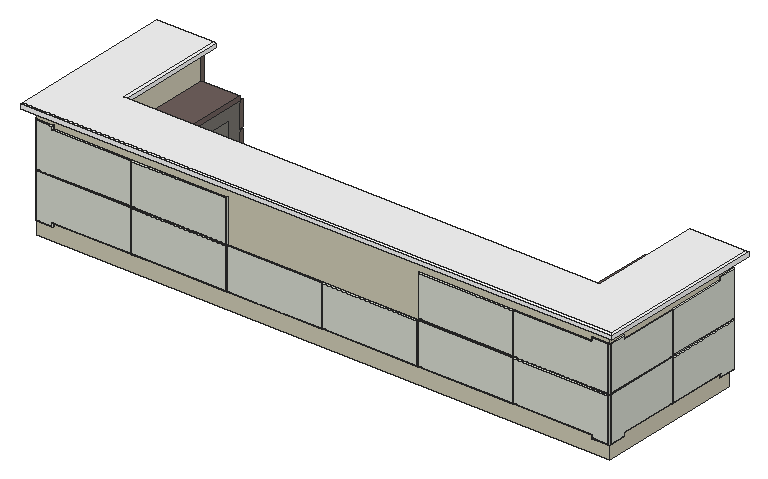
Revit family
Parameters
  폭 = 4500 mm
  외곽 대리석 두께 = 20 mm
  상판 폭 = 450 mm
  상판 두께 = 40 mm
  높이 = 908 mm
  깊이 = 1300 mm
  Assembly Code = ""
Reference planes
  plane 1 "Center (Front/Back)": y = 0
  plane 2: z = 0
  plane 3 "Center (Left/Right)": x = 0
  plane 4 "left": x = -2250
  plane 5 "right": x = 2250
  plane 6 "front": y = -650
  plane 7 "back": y = 650
  plane 8 "top": z = 908
  plane 9 "상판 좌폭": x = -1800
  plane 10 "상판 우폭": x = 1800
  plane 11 "상판 앞폭": y = -200
  plane 12 "100": z = 100
Forms (mm)
  Extrusion 1, solid, material "돌데스크"
    sketch origin (0, 0, 0) x (1, 0, 0) y (0, 1, 0)
      loop
        line (-2250, 650) -> (-2250, -650) -> (2250, -650) -> (2250, 650) -> (1800, 650) -> (1800, -200) -> (-1800, -200) -> (-1800, 650) -> (-2250, 650)
    from 868 to 908
  Sweep 2, void
    path origin (0, 0, 908) x (-1, 0, 0) y (0, -1, 0)
      loop
        line (2250, -650) -> (2250, 650) -> (-2250, 650) -> (-2250, -650) -> (-1800, -650) -> (-1800, 200) -> (1800, 200) -> (1800, -650) -> (2250, -650)
    profile origin (-2250, 0, 908) x (1, 0, 0) y (0, 0, 1)
      loop
        line (0, 0) -> (0, -11) -> (11, 0) -> (0, 0)
  Extrusion 3, solid, material "돌받침"
    sketch origin (0, 0, 0) x (1, 0, 0) y (0, 1, 0)
      loop
        line (-2179.884, 550) -> (-2179.884, -580) -> (2180, -580) -> (2180, 550) -> (1840, 550) -> (1840, -240) -> (-1840, -240) -> (-1840, 550) -> (-2179.884, 550)
    from 0 to 868
  Extrusion 4, solid, not visible
    sketch origin (-2250, 0, 0) x (0, 1, 0) y (0, 0, 1)
      loop
        line (-600, 445) -> (-600, 100) -> (-470, 100) -> (-470, 125) -> (-4, 125) -> (-4, 445) -> (-600, 445)
    from 50.116 to 70.116
  Sweep 5, void, not visible
    path origin (-2250, 0, 0) x (0, 1, 0) y (0, 0, 1)
      loop
        line (-4, 445) -> (-600, 445) -> (-600, 100) -> (-470, 100) -> (-470, 125) -> (-4, 125) -> (-4, 445)
    profile origin (-2250, -302, 445) x (0, 0, 1) y (1, 0, 0)
      loop
        line (0, 50.116) -> (0, 57.605) -> (-7.489, 50.116) -> (0, 50.116)
  Extrusion 6, solid, material "돌판"
    sketch origin (-2250, 0, 0) x (0, 1, 0) y (0, 0, 1)
      loop
        line (-580, 100) -> (-450, 100) -> (-450, 125) -> (3, 125) -> (3, 445) -> (-580, 445) -> (-580, 100)
    from 59.99 to 70.116
  Sweep 7, void
    path origin (-2250, 0, 0) x (0, 1, 0) y (0, 0, 1)
      loop
        line (3, 445) -> (-580, 445) -> (-580, 100) -> (-450, 100) -> (-450, 125) -> (3, 125) -> (3, 445)
    profile origin (-2250, -288.5, 445) x (0, 0, -1) y (1, 0, 0)
      loop
        line (0, 59.99) -> (5, 59.99) -> (0, 64.99) -> (0, 59.99)
  Extrusion 8, solid, material "돌판"
    sketch origin (-2250, 10, 893) x (0, -1, 0) y (0, 0, -1)
      loop
        line (-580, 100) -> (-450, 100) -> (-450, 125) -> (3, 125) -> (3, 445) -> (-580, 445) -> (-580, 100)
    from 59.99 to 70.116
  Sweep 9, void
    path origin (-2250, 10, 893) x (0, -1, 0) y (0, 0, -1)
      loop
        line (3, 445) -> (-580, 445) -> (-580, 100) -> (-450, 100) -> (-450, 125) -> (3, 125) -> (3, 445)
    profile origin (-2250, 298.5, 448) x (0, 0, 1) y (1, 0, 0)
      loop
        line (0, 59.99) -> (5, 59.99) -> (0, 64.99) -> (0, 59.99)
  Extrusion 10, solid, material "돌판"
    sketch origin (-2250, 0, 893) x (0, 1, 0) y (0, 0, 1)
      loop
        line (-580, -100) -> (-580, -445) -> (3, -445) -> (3, -125) -> (-450, -125) -> (-450, -100) -> (-580, -100)
    from 59.99 to 70.116
  Sweep 11, void
    path origin (-2250, 0, 893) x (0, 1, 0) y (0, 0, 1)
      loop
        line (3, -445) -> (3, -125) -> (-450, -125) -> (-450, -100) -> (-580, -100) -> (-580, -445) -> (3, -445)
    profile origin (-2250, -288.5, 448) x (0, 0, -1) y (1, 0, 0)
      loop
        line (0, 59.99) -> (0, 64.99) -> (-5, 59.99) -> (0, 59.99)
  Extrusion 12, solid, material "돌판"
    sketch origin (-2250, 10, 0) x (0, -1, 0) y (0, 0, -1)
      loop
        line (-580, -100) -> (-580, -445) -> (3, -445) -> (3, -125) -> (-450, -125) -> (-450, -100) -> (-580, -100)
    from 59.99 to 70.116
  Sweep 13, void
    path origin (-2250, 10, 0) x (0, -1, 0) y (0, 0, -1)
      loop
        line (3, -445) -> (3, -125) -> (-450, -125) -> (-450, -100) -> (-580, -100) -> (-580, -445) -> (3, -445)
    profile origin (-2250, 298.5, 445) x (0, 0, 1) y (1, 0, 0)
      loop
        line (0, 59.99) -> (0, 64.99) -> (-5, 59.99) -> (0, 59.99)
  Extrusion 14, solid, material "돌판"
    sketch origin (-1600, -650.116, 0) x (1, 0, 0) y (0, 0, -1)
      loop
        line (-580, -100) -> (-580, -445) -> (145, -445) -> (145, -125) -> (-450, -125) -> (-450, -100) -> (-580, -100)
    from 59.99 to 70.116
  Sweep 15, void
    path origin (-1600, -650.116, 0) x (1, 0, 0) y (0, 0, -1)
      loop
        line (145, -445) -> (145, -125) -> (-450, -125) -> (-450, -100) -> (-580, -100) -> (-580, -445) -> (145, -445)
    profile origin (-1817.5, -650.116, 445) x (0, 0, 1) y (0, 1, 0)
      loop
        line (0, 59.99) -> (0, 64.99) -> (-5, 59.99) -> (0, 59.99)
  Extrusion 16, solid, material "돌판"
    sketch origin (-1600, -650.116, 893) x (1, 0, 0) y (0, 0, -1)
      loop
        line (-580, 100) -> (-450, 100) -> (-450, 125) -> (145, 125) -> (145, 445) -> (-580, 445) -> (-580, 100)
    from 59.99 to 70.116
  Sweep 17, void
    path origin (-1600, -650.116, 893) x (1, 0, 0) y (0, 0, -1)
      loop
        line (145, 445) -> (-580, 445) -> (-580, 100) -> (-450, 100) -> (-450, 125) -> (145, 125) -> (145, 445)
    profile origin (-1817.5, -650.116, 448) x (0, 0, 1) y (0, 1, 0)
      loop
        line (0, 59.99) -> (5, 59.99) -> (0, 64.99) -> (0, 59.99)
  Extrusion 18, solid, material "돌판"
    sketch origin (-872, -650.116, 0) x (1, 0, 0) y (0, 0, -1)
      loop
        line (-450, -125) -> (-580, -125) -> (-580, -445) -> (145, -445) -> (145, -125) -> (-450, -125)
    from 59.99 to 70.116
  Sweep 19, void
    path origin (-872, -650.116, 0) x (1, 0, 0) y (0, 0, -1)
      loop
        line (145, -445) -> (145, -125) -> (-450, -125) -> (-580, -125) -> (-580, -445) -> (145, -445)
    profile origin (-1089.5, -650.116, 445) x (0, 0, 1) y (0, 1, 0)
      loop
        line (0, 59.99) -> (0, 64.99) -> (-5, 59.99) -> (0, 59.99)
  Extrusion 20, solid, material "돌판"
    sketch origin (-872, -650.116, 893) x (1, 0, 0) y (0, 0, -1)
      loop
        line (-450, 125) -> (145, 125) -> (145, 445) -> (-580, 445) -> (-580, 125) -> (-450, 125)
    from 59.99 to 70.116
  Sweep 21, void
    path origin (-872, -650.116, 893) x (1, 0, 0) y (0, 0, -1)
      loop
        line (145, 445) -> (-580, 445) -> (-580, 125) -> (-450, 125) -> (145, 125) -> (145, 445)
    profile origin (-1089.5, -650.116, 448) x (0, 0, 1) y (0, 1, 0)
      loop
        line (0, 59.99) -> (5, 59.99) -> (0, 64.99) -> (0, 59.99)
  Extrusion 22, solid, material "돌판"
    sketch origin (-144, -650.116, 0) x (1, 0, 0) y (0, 0, -1)
      loop
        line (-450, -125) -> (-580, -125) -> (-580, -445) -> (142.5, -445) -> (142.5, -125) -> (-450, -125)
    from 59.99 to 70.116
  Sweep 23, void
    path origin (-144, -650.116, 0) x (1, 0, 0) y (0, 0, -1)
      loop
        line (142.5, -445) -> (142.5, -125) -> (-450, -125) -> (-580, -125) -> (-580, -445) -> (142.5, -445)
    profile origin (-362.75, -650.116, 445) x (0, 0, 1) y (0, 1, 0)
      loop
        line (0, 59.99) -> (0, 64.99) -> (-5, 59.99) -> (0, 59.99)
  Extrusion 24, solid, material "돌판"
    sketch origin (1600, -650.116, 0) x (-1, 0, 0) y (0, 0, 1)
      loop
        line (-580, 100) -> (-450, 100) -> (-450, 125) -> (145, 125) -> (145, 445) -> (-580, 445) -> (-580, 100)
    from 59.99 to 70.116
  Sweep 25, void
    path origin (1600, -650.116, 0) x (-1, 0, 0) y (0, 0, 1)
      loop
        line (145, 445) -> (-580, 445) -> (-580, 100) -> (-450, 100) -> (-450, 125) -> (145, 125) -> (145, 445)
    profile origin (1817.5, -650.116, 445) x (0, 0, -1) y (0, 1, 0)
      loop
        line (0, 59.99) -> (5, 59.99) -> (0, 64.99) -> (0, 59.99)
  Extrusion 26, solid, material "돌판"
    sketch origin (1600, -650.116, 893) x (-1, 0, 0) y (0, 0, 1)
      loop
        line (-580, -100) -> (-580, -445) -> (145, -445) -> (145, -125) -> (-450, -125) -> (-450, -100) -> (-580, -100)
    from 59.99 to 70.116
  Sweep 27, void
    path origin (1600, -650.116, 893) x (-1, 0, 0) y (0, 0, 1)
      loop
        line (145, -445) -> (145, -125) -> (-450, -125) -> (-450, -100) -> (-580, -100) -> (-580, -445) -> (145, -445)
    profile origin (1817.5, -650.116, 448) x (0, 0, -1) y (0, 1, 0)
      loop
        line (0, 59.99) -> (0, 64.99) -> (-5, 59.99) -> (0, 59.99)
  Extrusion 28, solid, material "돌판"
    sketch origin (872, -650.116, 0) x (-1, 0, 0) y (0, 0, 1)
      loop
        line (-450, 125) -> (145, 125) -> (145, 445) -> (-580, 445) -> (-580, 125) -> (-450, 125)
    from 59.99 to 70.116
  Sweep 29, void
    path origin (872, -650.116, 0) x (-1, 0, 0) y (0, 0, 1)
      loop
        line (145, 445) -> (-580, 445) -> (-580, 125) -> (-450, 125) -> (145, 125) -> (145, 445)
    profile origin (1089.5, -650.116, 445) x (0, 0, -1) y (0, 1, 0)
      loop
        line (0, 59.99) -> (5, 59.99) -> (0, 64.99) -> (0, 59.99)
  Extrusion 30, solid, material "돌판"
    sketch origin (872, -650.116, 893) x (-1, 0, 0) y (0, 0, 1)
      loop
        line (-450, -125) -> (-580, -125) -> (-580, -445) -> (145, -445) -> (145, -125) -> (-450, -125)
    from 59.99 to 70.116
  Sweep 31, void
    path origin (872, -650.116, 893) x (-1, 0, 0) y (0, 0, 1)
      loop
        line (145, -445) -> (145, -125) -> (-450, -125) -> (-580, -125) -> (-580, -445) -> (145, -445)
    profile origin (1089.5, -650.116, 448) x (0, 0, -1) y (0, 1, 0)
      loop
        line (0, 59.99) -> (0, 64.99) -> (-5, 59.99) -> (0, 59.99)
  Extrusion 32, solid, material "돌판"
    sketch origin (144, -650.116, 0) x (-1, 0, 0) y (0, 0, 1)
      loop
        line (-450, 125) -> (142.5, 125) -> (142.5, 445) -> (-580, 445) -> (-580, 125) -> (-450, 125)
    from 59.99 to 70.116
  Sweep 33, void
    path origin (144, -650.116, 0) x (-1, 0, 0) y (0, 0, 1)
      loop
        line (142.5, 445) -> (-580, 445) -> (-580, 125) -> (-450, 125) -> (142.5, 125) -> (142.5, 445)
    profile origin (362.75, -650.116, 445) x (0, 0, -1) y (0, 1, 0)
      loop
        line (0, 59.99) -> (5, 59.99) -> (0, 64.99) -> (0, 59.99)
  Extrusion 34, solid, material "돌판"
    sketch origin (2250, 0, 0) x (0, 1, 0) y (0, 0, -1)
      loop
        line (-580, -100) -> (-580, -445) -> (3, -445) -> (3, -125) -> (-450, -125) -> (-450, -100) -> (-580, -100)
    from 59.99 to 70.116
  Sweep 35, void
    path origin (2250, 0, 0) x (0, 1, 0) y (0, 0, -1)
      loop
        line (3, -445) -> (3, -125) -> (-450, -125) -> (-450, -100) -> (-580, -100) -> (-580, -445) -> (3, -445)
    profile origin (2250, -288.5, 445) x (0, 0, 1) y (-1, 0, 0)
      loop
        line (0, 59.99) -> (0, 64.99) -> (-5, 59.99) -> (0, 59.99)
  Extrusion 36, solid, material "돌판"
    sketch origin (2250, 10, 893) x (0, -1, 0) y (0, 0, 1)
      loop
        line (-580, -100) -> (-580, -445) -> (3, -445) -> (3, -125) -> (-450, -125) -> (-450, -100) -> (-580, -100)
    from 59.99 to 70.116
  Sweep 37, void
    path origin (2250, 10, 893) x (0, -1, 0) y (0, 0, 1)
      loop
        line (3, -445) -> (3, -125) -> (-450, -125) -> (-450, -100) -> (-580, -100) -> (-580, -445) -> (3, -445)
    profile origin (2250, 298.5, 448) x (0, 0, -1) y (-1, 0, 0)
      loop
        line (0, 59.99) -> (0, 64.99) -> (-5, 59.99) -> (0, 59.99)
  Extrusion 38, solid, material "돌판"
    sketch origin (2250, 0, 893) x (0, 1, 0) y (0, 0, -1)
      loop
        line (-580, 100) -> (-450, 100) -> (-450, 125) -> (3, 125) -> (3, 445) -> (-580, 445) -> (-580, 100)
    from 59.99 to 70.116
  Sweep 39, void
    path origin (2250, 0, 893) x (0, 1, 0) y (0, 0, -1)
      loop
        line (3, 445) -> (-580, 445) -> (-580, 100) -> (-450, 100) -> (-450, 125) -> (3, 125) -> (3, 445)
    profile origin (2250, -288.5, 448) x (0, 0, 1) y (-1, 0, 0)
      loop
        line (0, 59.99) -> (5, 59.99) -> (0, 64.99) -> (0, 59.99)
  Extrusion 40, solid, material "돌판"
    sketch origin (2250, 10, 0) x (0, -1, 0) y (0, 0, 1)
      loop
        line (-580, 100) -> (-450, 100) -> (-450, 125) -> (3, 125) -> (3, 445) -> (-580, 445) -> (-580, 100)
    from 59.99 to 70.116
  Sweep 41, void
    path origin (2250, 10, 0) x (0, -1, 0) y (0, 0, 1)
      loop
        line (3, 445) -> (-580, 445) -> (-580, 100) -> (-450, 100) -> (-450, 125) -> (3, 125) -> (3, 445)
    profile origin (2250, 298.5, 445) x (0, 0, -1) y (-1, 0, 0)
      loop
        line (0, 59.99) -> (5, 59.99) -> (0, 64.99) -> (0, 59.99)
  Extrusion 42, solid, material "나무판"
    sketch origin (0, 650, 0) x (1, 0, 0) y (0, 0, 1)
      loop
        line (-2179.884, 793) -> (-2179.884, 454) -> (-1540, 454) -> (-1540, 640) -> (-1840, 640) -> (-1840, 868) -> (-2105, 868) -> (-2105, 793) -> (-2179.884, 793)
      loop
        line (-1540, 439) -> (-2179.884, 439) -> (-2179.884, 125) -> (-1540, 125) -> (-1540, 439)
      loop
        line (2179.884, 793) -> (2105, 793) -> (2105, 868) -> (1840, 868) -> (1840, 640) -> (1540, 640) -> (1540, 454) -> (2179.884, 454) -> (2179.884, 793)
      loop
        line (1540, 439) -> (1540, 125) -> (2179.884, 125) -> (2179.884, 439) -> (1540, 439)
    from 70 to 100
  Extrusion 43, solid, material "나무받침"
    sketch origin (0, 0, 0) x (1, 0, 0) y (0, 1, 0)
      loop
        line (-1840, 550) -> (-1840, -240) -> (1840, -240) -> (1840, 550) -> (1540, 550) -> (1540, 60) -> (-1540, 60) -> (-1540, 550) -> (-1840, 550)
    from 0 to 640
  Extrusion 44, solid, material "나무데스크"
    sketch origin (0, 0, 0) x (1, 0, 0) y (0, 1, 0)
      loop
        line (-1840, 550) -> (-1840, -240) -> (1840, -240) -> (1840, 550) -> (1540, 550) -> (1540, 60) -> (-1540, 60) -> (-1540, 550) -> (-1840, 550)
    from 640 to 675.227
  Extrusion 45, void
    sketch origin (0, 0, 0) x (1, 0, 0) y (0, 1, 0)
      loop
        line (-1825, 450) -> (-1825, -225) -> (1825, -225) -> (1825, 450) -> (1540, 450) -> (1540, 60) -> (-1540, 60) -> (-1540, 450) -> (-1825, 450)
    from 0 to 553
  Extrusion 46, solid, material "서랍"
    sketch origin (0, -650, 0) x (-1, 0, 0) y (0, 0, 1)
      loop
        line (-1530, 630) -> (-1530, 563) -> (-926, 563) -> (-926, 630) -> (-1530, 630)
      loop
        line (-1372.076, 604.964) -> (-1372.076, 584.964) -> (-1072.076, 584.964) -> (-1072.076, 604.964) -> (-1372.076, 604.964)
    from 710 to 726.078
  Extrusion 47, solid, material "서랍"
    sketch origin (-615, -650, 0) x (-1, 0, 0) y (0, 0, 1)
      loop
        line (-1530, 630) -> (-1530, 563) -> (-926, 563) -> (-926, 630) -> (-1530, 630)
      loop
        line (-1372.076, 604.964) -> (-1372.076, 584.964) -> (-1072.076, 584.964) -> (-1072.076, 604.964) -> (-1372.076, 604.964)
    from 710 to 726.078
  Extrusion 48, solid, material "서랍"
    sketch origin (-1230, -650, 0) x (-1, 0, 0) y (0, 0, 1)
      loop
        line (-1530, 630) -> (-1530, 563) -> (-926, 563) -> (-926, 630) -> (-1530, 630)
      loop
        line (-1372.076, 604.964) -> (-1372.076, 584.964) -> (-1072.076, 584.964) -> (-1072.076, 604.964) -> (-1372.076, 604.964)
    from 710 to 726.078
  Extrusion 49, solid, material "서랍"
    sketch origin (-1845, -650, 0) x (-1, 0, 0) y (0, 0, 1)
      loop
        line (-1530, 630) -> (-1530, 563) -> (-926, 563) -> (-926, 630) -> (-1530, 630)
      loop
        line (-1372.076, 604.964) -> (-1372.076, 584.964) -> (-1072.076, 584.964) -> (-1072.076, 604.964) -> (-1372.076, 604.964)
    from 710 to 726.078
  Extrusion 50, solid, material "서랍"
    sketch origin (-2460, -650, 0) x (-1, 0, 0) y (0, 0, 1)
      loop
        line (-1530, 630) -> (-1530, 563) -> (-926, 563) -> (-926, 630) -> (-1530, 630)
      loop
        line (-1372.076, 604.964) -> (-1372.076, 584.964) -> (-1072.076, 584.964) -> (-1072.076, 604.964) -> (-1372.076, 604.964)
    from 710 to 726.078
Cuts and joins
  Sweep 2 cuts Extrusion 1
  Sweep 7, Sweep 9, Sweep 11, Sweep 13, Sweep 35 cuts Extrusion 6
  Sweep 9, Sweep 11, Sweep 13, Sweep 37 cuts Extrusion 8
  Sweep 11, Sweep 13, Sweep 39 cuts Extrusion 10
  Sweep 13, Sweep 15, Sweep 41 cuts Extrusion 12
  Sweep 15, Sweep 17, Sweep 19, Sweep 25 cuts Extrusion 14
  Sweep 17, Sweep 27 cuts Extrusion 16
  Sweep 19, Sweep 21, Sweep 23, Sweep 29 cuts Extrusion 18
  Sweep 21, Sweep 31 cuts Extrusion 20
  Sweep 23, Sweep 33 cuts Extrusion 22
  Sweep 25 cuts Extrusion 24
  Sweep 27 cuts Extrusion 26
  Sweep 29 cuts Extrusion 28
  Sweep 31 cuts Extrusion 30
  Sweep 33 cuts Extrusion 32
  Sweep 35 cuts Extrusion 34
  Sweep 37 cuts Extrusion 36
  Sweep 39 cuts Extrusion 38
  Sweep 41 cuts Extrusion 40
  Extrusion 45 cuts Extrusion 3
  Extrusion 45 cuts Extrusion 43
Lines and regions (mm)
  symbolic lines
    curve 1: line (-2250, 750, 908) -> (-2250, -1170, 908)
    curve 2: line (-2310, -650, 908) -> (2410, -650, 908)
    curve 3: line (-2250, 870, 793) -> (-2250, -1130, 793)
    curve 4: line (-2250, 590, 973) -> (-2250, 590, -67)
    curve 5: line (-2250, -590, 993) -> (-2250, -590, -87)
  reference lines
    curve 6: line (871, 60, 0) -> (1611, 60, 0)
Dimensions and locks
  "깊이": plane 6 "front" to plane 7 "back"
  equal spacing: plane 6 "front", plane 1 "Center (Front/Back)", plane 7 "back"
  "높이": plane 8 "top" to level
  "폭": plane 4 "left" to plane 5 "right"
  equal spacing: plane 4 "left", plane 3 "Center (Left/Right)", plane 5 "right"
  "상판 폭": plane 4 "left" to plane 9 "상판 좌폭"
  "상판 폭": plane 10 "상판 우폭" to plane 5 "right"
  "상판 폭": plane 11 "상판 앞폭" to plane 6 "front"
  "상판 두께": Extrusion 1 to Extrusion 1
  plane 12 "100" to plane 2 = 100 mm
  locked: Extrusion 6 to Extrusion 6 at 10.126
  locked: Extrusion 8 to Extrusion 8 at 10.126
  locked: Extrusion 10 to Extrusion 10 at 10.126
  locked: Extrusion 12 to Extrusion 12 at 10.126
  locked: Extrusion 34 to Extrusion 34 at 10.126
  locked: Extrusion 36 to Extrusion 36 at 10.126
  locked: Extrusion 38 to Extrusion 38 at 10.126
  locked: Extrusion 40 to Extrusion 40 at 10.126
  locked: Extrusion 44 to Extrusion 44 at 35.227
  aligned and locked: plane 8 "top" to Extrusion 1
  aligned and locked: Extrusion 3 to cut or joined group of Extrusion 1, Sweep 2
  aligned and locked: Extrusion 3 to level
  aligned and locked: Extrusion 42 to Extrusion 3
  aligned and locked: Extrusion 44 to Extrusion 42
Automatic sketch dimensions
  Extrusion 4 sketch curve to Extrusion 4 sketch curve = 130 mm
  Sweep 5 sketch curve to Sweep 5 sketch curve = 130 mm
  Sweep 5 sketch curve to Sweep 5 sketch curve = 320 mm
  Sweep 5 sketch curve to profile plane = 0 mm
  profile plane to Sweep 5 sketch curve = 7.489 mm
  Sweep 5 sketch curve to Sweep 5 sketch curve = 7.489 mm
  Extrusion 4 sketch curve to Extrusion 4 sketch curve = 466 mm
  Extrusion 4 sketch curve to Extrusion 4 sketch curve = 25 mm
  Extrusion 4 sketch curve to Extrusion 4 sketch curve = 345 mm
  Sweep 5 sketch curve to Sweep 5 sketch curve = 466 mm
  Sweep 5 sketch curve to Sweep 5 sketch curve = 25 mm
  profile plane to Sweep 5 sketch curve = 50.116 mm
  curve 6 to plane 1 "Center (Front/Back)" = 60 mm
  plane 3 "Center (Left/Right)" to curve 6 = 871 mm
  curve 6 to plane 10 "상판 우폭" = 189 mm
  Extrusion 1 sketch curve to plane 4 "left" = 0 mm
  Extrusion 1 sketch curve to plane 7 "back" = 0 mm  (x2)
  Extrusion 1 sketch curve to plane 9 "상판 좌폭" = 0 mm
  Extrusion 1 sketch curve to plane 10 "상판 우폭" = 0 mm
  Extrusion 1 sketch curve to plane 5 "right" = 0 mm
  Extrusion 1 sketch curve to plane 6 "front" = 0 mm
  Extrusion 1 sketch curve to plane 11 "상판 앞폭" = 0 mm
  Sweep 2 sketch curve to plane 5 "right" = 0 mm
  Sweep 2 sketch curve to plane 10 "상판 우폭" = 0 mm
  Sweep 2 sketch curve to plane 7 "back" = 0 mm  (x2)
  Sweep 2 sketch curve to plane 9 "상판 좌폭" = 0 mm
  Sweep 2 sketch curve to plane 4 "left" = 0 mm
  Sweep 2 sketch curve to plane 11 "상판 앞폭" = 0 mm
  Sweep 2 sketch curve to plane 6 "front" = 0 mm
  Sweep 2 sketch curve to profile plane = 0 mm
  Sweep 2 sketch curve to plane 8 "top" = 0 mm
  Sweep 2 sketch curve to Sweep 2 sketch curve = 11 mm
  Sweep 2 sketch curve to plane 8 "top" = 11 mm
  curve 2 to plane 6 "front" = 0 mm
  curve 1 to plane 4 "left" = 0 mm
  plane 5 "right" to curve 2 = 160 mm
  curve 2 to plane 4 "left" = 60 mm
  curve 1 to plane 7 "back" = 100 mm
  curve 1 to plane 6 "front" = 520 mm
  plane 4 "left" to Extrusion 3 sketch curve = 70.116 mm
  Extrusion 3 sketch curve to plane 9 "상판 좌폭" = 40 mm
  plane 10 "상판 우폭" to Extrusion 3 sketch curve = 40 mm
  Extrusion 3 sketch curve to plane 5 "right" = 70 mm
  plane 6 "front" to Extrusion 3 sketch curve = 70 mm
  Extrusion 3 sketch curve to plane 11 "상판 앞폭" = 40 mm
  plane 7 "back" to Extrusion 3 sketch curve = 100 mm  (x2)
  curve 3 to plane 8 "top" = 115 mm
  curve 3 to plane 6 "front" = 480 mm
  plane 6 "front" to curve 5 = 60 mm
  plane 7 "back" to curve 4 = 60 mm
  curve 3 to plane 7 "back" = 220 mm
  curve 4 to level = 67 mm
  curve 5 to level = 87 mm
  plane 8 "top" to curve 4 = 65 mm
  plane 8 "top" to curve 5 = 85 mm
  Extrusion 6 sketch curve to plane 12 "100" = 0 mm
  plane 6 "front" to Extrusion 6 sketch curve = 70 mm
  Extrusion 6 sketch curve to Extrusion 6 sketch curve = 130 mm
  Extrusion 6 sketch curve to plane 1 "Center (Front/Back)" = 3 mm
  plane 12 "100" to Extrusion 6 sketch curve = 25 mm
  plane 12 "100" to Extrusion 6 sketch curve = 345 mm
  Sweep 7 sketch curve to plane 12 "100" = 0 mm
  plane 6 "front" to Sweep 7 sketch curve = 70 mm
  Sweep 7 sketch curve to Sweep 7 sketch curve = 130 mm
  Sweep 7 sketch curve to plane 1 "Center (Front/Back)" = 3 mm
  plane 12 "100" to Sweep 7 sketch curve = 25 mm
  Sweep 7 sketch curve to Sweep 7 sketch curve = 320 mm
  Sweep 7 sketch curve to profile plane = 0 mm
  Sweep 7 sketch curve to profile plane = 5 mm
  profile plane to Sweep 7 sketch curve = 59.99 mm
  Sweep 7 sketch curve to Sweep 7 sketch curve = 5 mm
  plane 7 "back" to Extrusion 8 sketch curve = 60 mm
  Extrusion 8 sketch curve to Extrusion 8 sketch curve = 130 mm
  Extrusion 8 sketch curve to plane 1 "Center (Front/Back)" = 7 mm
  Extrusion 8 sketch curve to plane 8 "top" = 115 mm
  Extrusion 8 sketch curve to plane 8 "top" = 140 mm
  Extrusion 8 sketch curve to Extrusion 8 sketch curve = 345 mm
  plane 7 "back" to Sweep 9 sketch curve = 60 mm
  Sweep 9 sketch curve to Sweep 9 sketch curve = 130 mm
  Sweep 9 sketch curve to plane 1 "Center (Front/Back)" = 7 mm
  Sweep 9 sketch curve to plane 8 "top" = 115 mm
  Sweep 9 sketch curve to plane 8 "top" = 140 mm
  Sweep 9 sketch curve to Sweep 9 sketch curve = 320 mm
  Sweep 9 sketch curve to profile plane = 0 mm
  Sweep 9 sketch curve to profile plane = 5 mm
  profile plane to Sweep 9 sketch curve = 59.99 mm
  Sweep 9 sketch curve to Sweep 9 sketch curve = 5 mm
  Extrusion 10 sketch curve to plane 6 "front" = 70 mm
  Extrusion 10 sketch curve to Extrusion 10 sketch curve = 130 mm
  plane 1 "Center (Front/Back)" to Extrusion 10 sketch curve = 3 mm
  plane 8 "top" to Extrusion 10 sketch curve = 115 mm
  plane 8 "top" to Extrusion 10 sketch curve = 140 mm
  Extrusion 10 sketch curve to Extrusion 10 sketch curve = 345 mm
  plane 6 "front" to Sweep 11 sketch curve = 70 mm
  Sweep 11 sketch curve to Sweep 11 sketch curve = 130 mm
  Sweep 11 sketch curve to plane 1 "Center (Front/Back)" = 3 mm
  plane 12 "100" to Sweep 11 sketch curve = 348 mm
  Sweep 11 sketch curve to plane 8 "top" = 140 mm
  Sweep 11 sketch curve to plane 8 "top" = 115 mm
  Sweep 11 sketch curve to profile plane = 0 mm
  profile plane to Sweep 11 sketch curve = 5 mm
  profile plane to Sweep 11 sketch curve = 59.99 mm
  Sweep 11 sketch curve to Sweep 11 sketch curve = 5 mm
  Extrusion 12 sketch curve to plane 12 "100" = 0 mm
  Extrusion 12 sketch curve to plane 7 "back" = 60 mm
  Extrusion 12 sketch curve to Extrusion 12 sketch curve = 130 mm
  plane 1 "Center (Front/Back)" to Extrusion 12 sketch curve = 7 mm
  Extrusion 12 sketch curve to plane 12 "100" = 25 mm
  Extrusion 12 sketch curve to plane 12 "100" = 345 mm
  Sweep 13 sketch curve to plane 12 "100" = 0 mm
  plane 7 "back" to Sweep 13 sketch curve = 60 mm
  Sweep 13 sketch curve to Sweep 13 sketch curve = 130 mm
  Sweep 13 sketch curve to plane 1 "Center (Front/Back)" = 7 mm
  plane 12 "100" to Sweep 13 sketch curve = 25 mm
  Sweep 13 sketch curve to Sweep 13 sketch curve = 320 mm
  Sweep 13 sketch curve to profile plane = 0 mm
  profile plane to Sweep 13 sketch curve = 5 mm
  profile plane to Sweep 13 sketch curve = 59.99 mm
  Sweep 13 sketch curve to Sweep 13 sketch curve = 5 mm
  Extrusion 14 sketch curve to plane 12 "100" = 0 mm
  plane 4 "left" to Extrusion 14 sketch curve = 70 mm
  Extrusion 14 sketch curve to Extrusion 14 sketch curve = 130 mm
  plane 9 "상판 좌폭" to Extrusion 14 sketch curve = 345 mm
  plane 12 "100" to Extrusion 14 sketch curve = 25 mm
  plane 12 "100" to Extrusion 14 sketch curve = 345 mm
  Sweep 15 sketch curve to plane 12 "100" = 0 mm
  plane 4 "left" to Sweep 15 sketch curve = 70 mm
  Sweep 15 sketch curve to Sweep 15 sketch curve = 130 mm
  plane 9 "상판 좌폭" to Sweep 15 sketch curve = 345 mm
  plane 12 "100" to Sweep 15 sketch curve = 25 mm
  Sweep 15 sketch curve to Sweep 15 sketch curve = 320 mm
  Sweep 15 sketch curve to profile plane = 0 mm
  Sweep 15 sketch curve to Sweep 15 sketch curve = 5 mm  (x2)
  profile plane to Sweep 15 sketch curve = 59.99 mm
  plane 4 "left" to Extrusion 16 sketch curve = 70 mm
  Extrusion 16 sketch curve to Extrusion 16 sketch curve = 130 mm
  plane 9 "상판 좌폭" to Extrusion 16 sketch curve = 345 mm
  Extrusion 16 sketch curve to plane 8 "top" = 115 mm
  Extrusion 16 sketch curve to plane 8 "top" = 140 mm
  Extrusion 16 sketch curve to Extrusion 16 sketch curve = 345 mm
  plane 4 "left" to Sweep 17 sketch curve = 70 mm
  Sweep 17 sketch curve to Sweep 17 sketch curve = 130 mm
  plane 9 "상판 좌폭" to Sweep 17 sketch curve = 345 mm
  Sweep 17 sketch curve to plane 8 "top" = 115 mm
  Sweep 17 sketch curve to plane 8 "top" = 140 mm
  Sweep 17 sketch curve to Sweep 17 sketch curve = 320 mm
  Sweep 17 sketch curve to profile plane = 0 mm
  Sweep 17 sketch curve to profile plane = 5 mm
  profile plane to Sweep 17 sketch curve = 59.99 mm
  Sweep 17 sketch curve to Sweep 17 sketch curve = 5 mm
  plane 9 "상판 좌폭" to Extrusion 18 sketch curve = 348 mm
  plane 12 "100" to Extrusion 18 sketch curve = 25 mm
  Extrusion 18 sketch curve to Extrusion 18 sketch curve = 130 mm
  Extrusion 18 sketch curve to Extrusion 18 sketch curve = 595 mm
  Extrusion 18 sketch curve to Extrusion 18 sketch curve = 320 mm
  plane 12 "100" to Sweep 19 sketch curve = 25 mm
  plane 9 "상판 좌폭" to Sweep 19 sketch curve = 348 mm
  Sweep 19 sketch curve to Sweep 19 sketch curve = 130 mm
  Sweep 19 sketch curve to Sweep 19 sketch curve = 595 mm
  Sweep 19 sketch curve to Sweep 19 sketch curve = 320 mm
  Sweep 19 sketch curve to profile plane = 0 mm
  Sweep 19 sketch curve to Sweep 19 sketch curve = 5 mm  (x2)
  profile plane to Sweep 19 sketch curve = 59.99 mm
  plane 9 "상판 좌폭" to Extrusion 20 sketch curve = 348 mm
  Extrusion 20 sketch curve to Extrusion 20 sketch curve = 130 mm
  Extrusion 20 sketch curve to plane 8 "top" = 140 mm
  Extrusion 20 sketch curve to Extrusion 20 sketch curve = 595 mm
  Extrusion 20 sketch curve to Extrusion 20 sketch curve = 320 mm
  Sweep 21 sketch curve to plane 8 "top" = 140 mm
  plane 9 "상판 좌폭" to Sweep 21 sketch curve = 348 mm
  Sweep 21 sketch curve to Sweep 21 sketch curve = 130 mm
  Sweep 21 sketch curve to Sweep 21 sketch curve = 595 mm
  Sweep 21 sketch curve to Sweep 21 sketch curve = 320 mm
  Sweep 21 sketch curve to profile plane = 0 mm
  Sweep 21 sketch curve to profile plane = 5 mm
  profile plane to Sweep 21 sketch curve = 59.99 mm
  Sweep 21 sketch curve to Sweep 21 sketch curve = 5 mm
  plane 12 "100" to Extrusion 22 sketch curve = 345 mm
  Extrusion 22 sketch curve to plane 3 "Center (Left/Right)" = 724 mm
  plane 12 "100" to Extrusion 22 sketch curve = 25 mm
  Extrusion 22 sketch curve to Extrusion 22 sketch curve = 130 mm
  Extrusion 22 sketch curve to plane 3 "Center (Left/Right)" = 1.5 mm
  plane 12 "100" to Sweep 23 sketch curve = 25 mm
  Sweep 23 sketch curve to plane 3 "Center (Left/Right)" = 724 mm
  Sweep 23 sketch curve to Sweep 23 sketch curve = 130 mm
  Sweep 23 sketch curve to plane 3 "Center (Left/Right)" = 1.5 mm
  Sweep 23 sketch curve to Sweep 23 sketch curve = 320 mm
  Sweep 23 sketch curve to profile plane = 0 mm
  Sweep 23 sketch curve to Sweep 23 sketch curve = 5 mm  (x2)
  profile plane to Sweep 23 sketch curve = 59.99 mm
  Extrusion 24 sketch curve to plane 12 "100" = 0 mm
  Extrusion 24 sketch curve to plane 5 "right" = 70 mm
  Extrusion 24 sketch curve to Extrusion 24 sketch curve = 130 mm
  Extrusion 24 sketch curve to plane 10 "상판 우폭" = 345 mm
  plane 12 "100" to Extrusion 24 sketch curve = 25 mm
  Extrusion 24 sketch curve to Extrusion 24 sketch curve = 345 mm
  Sweep 25 sketch curve to plane 12 "100" = 0 mm
  Sweep 25 sketch curve to plane 5 "right" = 70 mm
  Sweep 25 sketch curve to Sweep 25 sketch curve = 130 mm
  Sweep 25 sketch curve to plane 10 "상판 우폭" = 345 mm
  plane 12 "100" to Sweep 25 sketch curve = 25 mm
  Sweep 25 sketch curve to Sweep 25 sketch curve = 320 mm
  Sweep 25 sketch curve to profile plane = 0 mm
  Sweep 25 sketch curve to profile plane = 5 mm
  profile plane to Sweep 25 sketch curve = 59.99 mm
  Sweep 25 sketch curve to Sweep 25 sketch curve = 5 mm
  Extrusion 26 sketch curve to plane 5 "right" = 70 mm
  Extrusion 26 sketch curve to Extrusion 26 sketch curve = 130 mm
  Extrusion 26 sketch curve to plane 10 "상판 우폭" = 345 mm
  plane 12 "100" to Extrusion 26 sketch curve = 348 mm
  Extrusion 26 sketch curve to plane 8 "top" = 140 mm
  Extrusion 26 sketch curve to Extrusion 26 sketch curve = 25 mm
  Sweep 27 sketch curve to plane 5 "right" = 70 mm
  Sweep 27 sketch curve to Sweep 27 sketch curve = 130 mm
  Sweep 27 sketch curve to plane 10 "상판 우폭" = 345 mm
  plane 12 "100" to Sweep 27 sketch curve = 348 mm
  Sweep 27 sketch curve to plane 8 "top" = 140 mm
  Sweep 27 sketch curve to plane 8 "top" = 115 mm
  Sweep 27 sketch curve to profile plane = 0 mm
  profile plane to Sweep 27 sketch curve = 5 mm
  profile plane to Sweep 27 sketch curve = 59.99 mm
  Sweep 27 sketch curve to Sweep 27 sketch curve = 5 mm
  Extrusion 28 sketch curve to plane 10 "상판 우폭" = 348 mm
  plane 12 "100" to Extrusion 28 sketch curve = 25 mm
  Extrusion 28 sketch curve to Extrusion 28 sketch curve = 130 mm
  Extrusion 28 sketch curve to Extrusion 28 sketch curve = 595 mm
  Extrusion 28 sketch curve to Extrusion 28 sketch curve = 320 mm
  plane 12 "100" to Sweep 29 sketch curve = 25 mm
  Sweep 29 sketch curve to plane 10 "상판 우폭" = 348 mm
  Sweep 29 sketch curve to Sweep 29 sketch curve = 130 mm
  Sweep 29 sketch curve to Sweep 29 sketch curve = 595 mm
  Sweep 29 sketch curve to Sweep 29 sketch curve = 320 mm
  Sweep 29 sketch curve to profile plane = 0 mm
  Sweep 29 sketch curve to profile plane = 5 mm
  profile plane to Sweep 29 sketch curve = 59.99 mm
  Sweep 29 sketch curve to Sweep 29 sketch curve = 5 mm
  Extrusion 30 sketch curve to plane 10 "상판 우폭" = 348 mm
  Extrusion 30 sketch curve to Extrusion 30 sketch curve = 130 mm
  Extrusion 30 sketch curve to plane 8 "top" = 140 mm
  Extrusion 30 sketch curve to Extrusion 30 sketch curve = 595 mm
  Extrusion 30 sketch curve to Extrusion 30 sketch curve = 320 mm
  Sweep 31 sketch curve to plane 8 "top" = 140 mm
  Sweep 31 sketch curve to plane 10 "상판 우폭" = 348 mm
  Sweep 31 sketch curve to Sweep 31 sketch curve = 130 mm
  Sweep 31 sketch curve to Sweep 31 sketch curve = 595 mm
  Sweep 31 sketch curve to Sweep 31 sketch curve = 320 mm
  Sweep 31 sketch curve to profile plane = 0 mm
  profile plane to Sweep 31 sketch curve = 5 mm
  profile plane to Sweep 31 sketch curve = 59.99 mm
  Sweep 31 sketch curve to Sweep 31 sketch curve = 5 mm
  plane 12 "100" to Extrusion 32 sketch curve = 345 mm
  plane 3 "Center (Left/Right)" to Extrusion 32 sketch curve = 724 mm
  plane 12 "100" to Extrusion 32 sketch curve = 25 mm
  Extrusion 32 sketch curve to Extrusion 32 sketch curve = 130 mm
  plane 3 "Center (Left/Right)" to Extrusion 32 sketch curve = 1.5 mm
  plane 12 "100" to Sweep 33 sketch curve = 25 mm
  plane 3 "Center (Left/Right)" to Sweep 33 sketch curve = 724 mm
  Sweep 33 sketch curve to Sweep 33 sketch curve = 130 mm
  plane 3 "Center (Left/Right)" to Sweep 33 sketch curve = 1.5 mm
  Sweep 33 sketch curve to Sweep 33 sketch curve = 320 mm
  Sweep 33 sketch curve to profile plane = 0 mm
  Sweep 33 sketch curve to profile plane = 5 mm
  profile plane to Sweep 33 sketch curve = 59.99 mm
  Sweep 33 sketch curve to Sweep 33 sketch curve = 5 mm
  Extrusion 34 sketch curve to plane 12 "100" = 0 mm
  plane 6 "front" to Extrusion 34 sketch curve = 70 mm
  Extrusion 34 sketch curve to Extrusion 34 sketch curve = 130 mm
  Extrusion 34 sketch curve to plane 1 "Center (Front/Back)" = 3 mm
  plane 12 "100" to Extrusion 34 sketch curve = 25 mm
  Extrusion 34 sketch curve to Extrusion 34 sketch curve = 345 mm
  Sweep 35 sketch curve to plane 12 "100" = 0 mm
  plane 6 "front" to Sweep 35 sketch curve = 70 mm
  Sweep 35 sketch curve to Sweep 35 sketch curve = 130 mm
  Sweep 35 sketch curve to plane 1 "Center (Front/Back)" = 3 mm
  plane 12 "100" to Sweep 35 sketch curve = 25 mm
  Sweep 35 sketch curve to Sweep 35 sketch curve = 320 mm
  Sweep 35 sketch curve to profile plane = 0 mm
  profile plane to Sweep 35 sketch curve = 5 mm
  profile plane to Sweep 35 sketch curve = 59.99 mm
  Sweep 35 sketch curve to Sweep 35 sketch curve = 5 mm
  plane 7 "back" to Extrusion 36 sketch curve = 60 mm
  Extrusion 36 sketch curve to Extrusion 36 sketch curve = 130 mm
  Extrusion 36 sketch curve to plane 1 "Center (Front/Back)" = 7 mm
  plane 12 "100" to Extrusion 36 sketch curve = 348 mm
  Extrusion 36 sketch curve to plane 8 "top" = 140 mm
  Extrusion 36 sketch curve to Extrusion 36 sketch curve = 25 mm
  plane 7 "back" to Sweep 37 sketch curve = 60 mm
  Sweep 37 sketch curve to Sweep 37 sketch curve = 130 mm
  Sweep 37 sketch curve to plane 1 "Center (Front/Back)" = 7 mm
  plane 12 "100" to Sweep 37 sketch curve = 348 mm
  Sweep 37 sketch curve to plane 8 "top" = 140 mm
  Sweep 37 sketch curve to plane 8 "top" = 115 mm
  Sweep 37 sketch curve to profile plane = 0 mm
  profile plane to Sweep 37 sketch curve = 5 mm
  profile plane to Sweep 37 sketch curve = 59.99 mm
  Sweep 37 sketch curve to Sweep 37 sketch curve = 5 mm
  plane 6 "front" to Extrusion 38 sketch curve = 70 mm
  Extrusion 38 sketch curve to Extrusion 38 sketch curve = 130 mm
  Extrusion 38 sketch curve to plane 1 "Center (Front/Back)" = 3 mm
  Extrusion 38 sketch curve to plane 8 "top" = 115 mm
  Extrusion 38 sketch curve to plane 8 "top" = 140 mm
  Extrusion 38 sketch curve to Extrusion 38 sketch curve = 345 mm
  plane 6 "front" to Sweep 39 sketch curve = 70 mm
  Sweep 39 sketch curve to Sweep 39 sketch curve = 130 mm
  Sweep 39 sketch curve to plane 1 "Center (Front/Back)" = 3 mm
  Sweep 39 sketch curve to plane 8 "top" = 115 mm
  Sweep 39 sketch curve to plane 8 "top" = 140 mm
  Sweep 39 sketch curve to Sweep 39 sketch curve = 320 mm
  Sweep 39 sketch curve to profile plane = 0 mm
  Sweep 39 sketch curve to profile plane = 5 mm
  profile plane to Sweep 39 sketch curve = 59.99 mm
  Sweep 39 sketch curve to Sweep 39 sketch curve = 5 mm
  Extrusion 40 sketch curve to plane 12 "100" = 0 mm
  plane 7 "back" to Extrusion 40 sketch curve = 60 mm
  Extrusion 40 sketch curve to Extrusion 40 sketch curve = 130 mm
  Extrusion 40 sketch curve to plane 1 "Center (Front/Back)" = 7 mm
  plane 12 "100" to Extrusion 40 sketch curve = 25 mm
  Extrusion 40 sketch curve to Extrusion 40 sketch curve = 345 mm
  Sweep 41 sketch curve to plane 12 "100" = 0 mm
  plane 7 "back" to Sweep 41 sketch curve = 60 mm
  Sweep 41 sketch curve to Sweep 41 sketch curve = 130 mm
  Sweep 41 sketch curve to plane 1 "Center (Front/Back)" = 7 mm
  plane 12 "100" to Sweep 41 sketch curve = 25 mm
  Sweep 41 sketch curve to Sweep 41 sketch curve = 320 mm
  Sweep 41 sketch curve to profile plane = 0 mm
  Sweep 41 sketch curve to profile plane = 5 mm
  profile plane to Sweep 41 sketch curve = 59.99 mm
  Sweep 41 sketch curve to Sweep 41 sketch curve = 5 mm
  plane 4 "left" to Extrusion 42 sketch curve = 70.116 mm  (x2)
  plane 12 "100" to Extrusion 42 sketch curve = 25 mm  (x2)
  Extrusion 42 sketch curve to Extrusion 42 sketch curve = 74.884 mm
  Extrusion 42 sketch curve to plane 9 "상판 좌폭" = 40 mm
  plane 9 "상판 좌폭" to Extrusion 42 sketch curve = 260 mm  (x2)
  Extrusion 42 sketch curve to plane 10 "상판 우폭" = 260 mm
  Extrusion 42 sketch curve to Extrusion 42 sketch curve = 0 mm  (x2)
  plane 10 "상판 우폭" to Extrusion 42 sketch curve = 40 mm
  Extrusion 42 sketch curve to plane 8 "top" = 40 mm  (x2)
  Extrusion 42 sketch curve to plane 5 "right" = 145 mm
  Extrusion 42 sketch curve to plane 5 "right" = 70.116 mm
  Extrusion 42 sketch curve to Extrusion 42 sketch curve = 314 mm  (x2)
  Extrusion 42 sketch curve to Extrusion 42 sketch curve = 15 mm  (x2)
  Extrusion 42 sketch curve to Extrusion 42 sketch curve = 186 mm  (x2)
  Extrusion 42 sketch curve to plane 8 "top" = 115 mm
  Extrusion 42 sketch curve to Extrusion 42 sketch curve = 75 mm
  Extrusion 43 sketch curve to plane 9 "상판 좌폭" = 40 mm
  Extrusion 43 sketch curve to plane 1 "Center (Front/Back)" = 60 mm
  plane 9 "상판 좌폭" to Extrusion 43 sketch curve = 260 mm
  Extrusion 43 sketch curve to plane 10 "상판 우폭" = 260 mm
  plane 10 "상판 우폭" to Extrusion 43 sketch curve = 40 mm
  Extrusion 43 sketch curve to plane 11 "상판 앞폭" = 40 mm
  plane 7 "back" to Extrusion 43 sketch curve = 100 mm  (x2)
  Extrusion 44 sketch curve to plane 9 "상판 좌폭" = 40 mm
  plane 7 "back" to Extrusion 44 sketch curve = 100 mm  (x2)
  plane 9 "상판 좌폭" to Extrusion 44 sketch curve = 260 mm
  Extrusion 44 sketch curve to plane 10 "상판 우폭" = 260 mm
  plane 10 "상판 우폭" to Extrusion 44 sketch curve = 40 mm
  Extrusion 44 sketch curve to plane 1 "Center (Front/Back)" = 60 mm
  Extrusion 44 sketch curve to plane 11 "상판 앞폭" = 40 mm
  Extrusion 45 sketch curve to plane 9 "상판 좌폭" = 25 mm
  plane 9 "상판 좌폭" to Extrusion 45 sketch curve = 260 mm
  Extrusion 45 sketch curve to plane 10 "상판 우폭" = 260 mm
  plane 10 "상판 우폭" to Extrusion 45 sketch curve = 25 mm
  Extrusion 45 sketch curve to plane 11 "상판 앞폭" = 25 mm
  Extrusion 45 sketch curve to plane 1 "Center (Front/Back)" = 60 mm
  plane 7 "back" to Extrusion 45 sketch curve = 200 mm  (x2)
  Extrusion 46 sketch curve to plane 10 "상판 우폭" = 270 mm
  Extrusion 46 sketch curve to Extrusion 46 sketch curve = 157.924 mm
  Extrusion 46 sketch curve to Extrusion 46 sketch curve = 300 mm
  Extrusion 46 sketch curve to Extrusion 46 sketch curve = 146.076 mm
  Extrusion 46 sketch curve to plane 8 "top" = 345 mm
  Extrusion 46 sketch curve to Extrusion 46 sketch curve = 21.964 mm
  Extrusion 46 sketch curve to Extrusion 46 sketch curve = 20 mm
  Extrusion 46 sketch curve to Extrusion 46 sketch curve = 67 mm
  Extrusion 47 sketch curve to plane 8 "top" = 278 mm
  Extrusion 47 sketch curve to plane 10 "상판 우폭" = 885 mm
  Extrusion 47 sketch curve to Extrusion 47 sketch curve = 157.924 mm
  Extrusion 47 sketch curve to Extrusion 47 sketch curve = 300 mm
  Extrusion 47 sketch curve to Extrusion 47 sketch curve = 146.076 mm
  Extrusion 47 sketch curve to Extrusion 47 sketch curve = 25.036 mm
  Extrusion 47 sketch curve to Extrusion 47 sketch curve = 20 mm
  Extrusion 47 sketch curve to Extrusion 47 sketch curve = 67 mm
  plane 3 "Center (Left/Right)" to Extrusion 48 sketch curve = 300 mm
  plane 3 "Center (Left/Right)" to Extrusion 48 sketch curve = 142.076 mm
  Extrusion 48 sketch curve to plane 3 "Center (Left/Right)" = 157.924 mm
  Extrusion 48 sketch curve to Extrusion 48 sketch curve = 146.076 mm
  Extrusion 48 sketch curve to plane 8 "top" = 345 mm
  Extrusion 48 sketch curve to Extrusion 48 sketch curve = 21.964 mm
  Extrusion 48 sketch curve to Extrusion 48 sketch curve = 20 mm
  Extrusion 48 sketch curve to Extrusion 48 sketch curve = 67 mm
  Extrusion 49 sketch curve to plane 3 "Center (Left/Right)" = 315 mm
  Extrusion 49 sketch curve to Extrusion 49 sketch curve = 157.924 mm
  Extrusion 49 sketch curve to Extrusion 49 sketch curve = 300 mm
  Extrusion 49 sketch curve to Extrusion 49 sketch curve = 146.076 mm
  Extrusion 49 sketch curve to plane 8 "top" = 345 mm
  Extrusion 49 sketch curve to Extrusion 49 sketch curve = 21.964 mm
  Extrusion 49 sketch curve to Extrusion 49 sketch curve = 20 mm
  Extrusion 49 sketch curve to Extrusion 49 sketch curve = 67 mm
  Extrusion 50 sketch curve to plane 8 "top" = 278 mm
  plane 9 "상판 좌폭" to Extrusion 50 sketch curve = 870 mm
  Extrusion 50 sketch curve to Extrusion 50 sketch curve = 157.924 mm
  Extrusion 50 sketch curve to Extrusion 50 sketch curve = 300 mm
  Extrusion 50 sketch curve to Extrusion 50 sketch curve = 146.076 mm
  Extrusion 50 sketch curve to Extrusion 50 sketch curve = 25.036 mm
  Extrusion 50 sketch curve to Extrusion 50 sketch curve = 20 mm
  Extrusion 50 sketch curve to Extrusion 50 sketch curve = 67 mm
